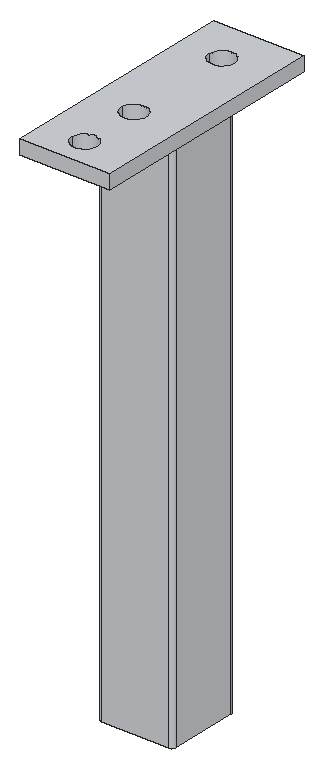
Revit family "MP522", category Generic Models, Revit 2017
Family settings
  Can host rebar = No
  Round Connector Dimension = Use Diameter
  Part Type = Normal
  Work Plane-Based = Yes
  Always vertical = No
  Cut with Voids When Loaded = No
  Shared = No
  Room Calculation Point = No
Parameters (values of type "NBS Standard Parameters")
  Weight = "1.23Kg"
  WarrantyStartDate [instance] = "1900-12-31T23:59:59"
  WarrantyGuarantorParts = "n/a"
  WarrantyGuarantorLabor = "n/a"
  WarrantyDurationUnit = "1 year"
  WarrantyDurationParts = "n/a"
  WarrantyDurationLabor = "n/a"
  WarrantyDescription = "n/a"
  Version = "1"
  Uniclass2 = "Pr-65_70_11_19"
  TagNumber [instance] = "n/a"
  SustainabilityPerformance = "n/a"
  Size = "300mm"
  Shape = "n/a"
  SerialNumber [instance] = "n/a"
  Revision = "n/a"
  ReplacementCost = "n/a"
  ProductInformation = "www.metpro.co.uk/pdf/mp522.pdf"
  NominalWidth = 49.5 mm
  NominalLength = 305 mm
  NominalHeight = 130 mm
  Name = ""
  NBSTypeID = ""
  NBSReference = "90-55-10/305"
  NBSOfficeMasterTag = ""
  NBSNote = ""
  NBSDescription = "Channel Cable Supports"
  NBSCertification = ""
  ModelReference = "MP522"
  ModelNumber = "n/a"
  Material = "Steel"
  ManufacturerURL = "www.metpro.co.uk"
  ManufacturerName = "Metpro Ltd"
  Keynote = "Compliant to LU Standard 1-085"
  InstallationDate [instance] = "1900-12-31T23:59:59"
  IfcExportType = ""
  IfcExportAs = ""
  Grade = "n/a"
  Finish = "Hot Dipped Galvanised"
  Features = "n/a"
  ExpectedLife = "n/a"
  DurationUnit = "year"
  Description = "MP522  300mm ChannelCantolever Arm - 2 hole base plate"
  Default Elevation = 1219.2 mm
  Constituents = "n/a"
  Color = "n/a"
  CodePerformance = "n/a"
  Category = "n/a"
  BarCode [instance] = "n/a"
  BIMObjectName = "metpro_metprolibrary_channelcablesupports_canteleverarm_2holeplate"
  Author = "Metpro Ltd"
  AssetType = ""
  AssetIdentifier [instance] = "n/a"
  AccessibilityPerformance = "n/a"
Reference planes
  plane 1 "Center (Front/Back)": y = 0
  plane 2: z = 0
  plane 3 "Center (Left/Right)": x = 0
Forms (mm)
  Extrusion 1, solid
    sketch origin (1149.505, 930.588, 0) x (1, 0, 0) y (0, 1, 0)
      loop
        line (-19.975, 37.037) -> (-15.975, 37.037) -> (-15.975, 31.537) -> (-13.475, 31.537) -> (-13.475, 38.244)
        arc (-13.475, 38.244) -> (-13.854, 39.158) -> (-14.769, 39.537) r 1.293
        line (-14.769, 39.537) -> (-20.452, 39.537)
        arc (-20.452, 39.537) -> (-21.883, 38.944) -> (-22.475, 37.514) r 2.023
        line (-22.475, 37.514) -> (-22.475, 0.077)
        arc (-22.475, 0.077) -> (-21.732, -1.719) -> (-19.936, -2.463) r 2.54
        line (-19.936, -2.463) -> (16.996, -2.463)
        arc (16.996, -2.463) -> (18.784, -1.722) -> (19.525, 0.066) r 2.529
        line (19.525, 0.066) -> (19.525, 37.555)
        arc (19.525, 37.555) -> (18.944, 38.957) -> (17.543, 39.537) r 1.982
        line (17.543, 39.537) -> (10.861, 39.537)
        arc (10.861, 39.537) -> (9.922, 39.148) -> (9.533, 38.209) r 1.328
        line (9.533, 38.209) -> (9.533, 31.537) -> (12.033, 31.537) -> (12.033, 37.037) -> (17.025, 37.037) -> (17.025, 2.321)
        arc (17.025, 2.321) -> (16.356, 0.706) -> (14.741, 0.037) r 2.284
        line (14.741, 0.037) -> (-17.616, 0.037)
        arc (-17.616, 0.037) -> (-19.284, 0.728) -> (-19.975, 2.396) r 2.359
        line (-19.975, 2.396) -> (-19.975, 37.037)
    from 0 to 300
  Extrusion 2, solid
    sketch origin (1149.505, 930.588, 300) x (1, 0, 0) y (0, 1, 0)
      loop
        line (22.852, 83.718) -> (-27.148, 83.718) -> (-27.148, -50.337) -> (22.852, -50.337) -> (22.852, 83.718)
      loop
        circle (-3.574, -34.911) r 7
      loop
        circle (-3.167, -1.096) r 7
      loop
        circle (-3.167, 59.607) r 7
    from 0 to 8
Dimensions and locks
  aligned and locked: level to plane 2
